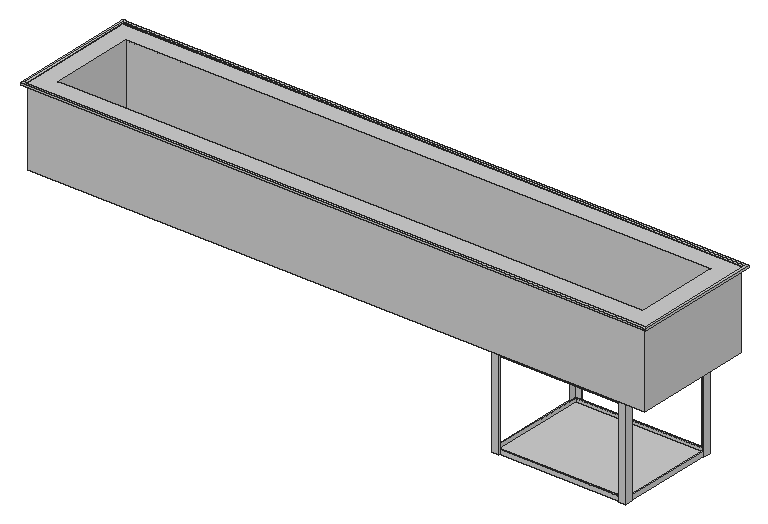
Revit family "QF_VOLLRATH_FC-4CSP-04120-N", category Specialty Equipment, Revit 2016
Family settings
  Part Type = Normal
  Round Connector Dimension = Use Diameter
  OmniClass Number = 23.40.40.14.24.14
  OmniClass Title = Service Line Equipment
  Work Plane-Based = Yes
  Always vertical = Yes
  Cut with Voids When Loaded = Yes
  Shared = No
  Room Calculation Point = No
Parameters (values of type "FC-4CSP-04120-N")
  Weight in Pounds = 165
  Watts = 624 W
  Waste Water Discharge Temperature [instance] = 0 °F
  Waste Remarks = ""
  Volts = 120 V
  URL Cutsheet = "www.vollrathfoodservice.com/downloads/211922/SPCNSF7RefrigSSL36191FC-4CSP-pdf"
  URL = "www.vollrathfoodservice.com"
  Status [instance] = ""
  Specification by User [instance] = ""
  Specification by Manufacturer = ""
  Serial Number = ""
  Seismic Rating = ""
  SMACNA No = ""
  Revision Code [instance] = ""
  Plumbing Remarks [instance] = ""
  Plumbing Connection Type [instance] = ""
  Phase = 1
  Number of Poles = 1
  NAFEM Spec ID Number = ""
  Model = "FC-4CSP-04120-N"
  Min Ckt Ampacity = 0 A
  Max Overcurrent Protection = 10 A
  Masterspec = ""
  Manufacturer = "VOLLRATH US"
  Item Number [instance] = ""
  Installed By [instance] = ""
  Identify Quantity as Lot [instance] = no
  HP = "0.9"
  Furnished By [instance] = ""
  Foodservice Equipment Identifier [instance] = yes
  FL Amps = 3.2 A
  Electrical Remarks [instance] = ""
  Electric Connection Type [instance] = "Plug&Receptacle"
  Elec Conn RI Height [instance] = 0"
  Elec Conn Connection Height [instance] = 0"
  Direct Waste Size = 1"
  Direct Waste RI Height = 0"
  Direct Waste Flow = 0 GPM
  Direct Waste Connection Height = 0"
  Description = "FOUR-WELL 120-VOLT NSF 7-CERTIFIED SHORT-SIDE REFRIGERATED DROP-IN COLD WELL"
  Default Elevation = 0"
  Cycle = 60 Hz
  Conn Plug = "NEMA 5-15P"
  Conn Conduit [instance] = no
  CSI MasterFormat = ""
  Author = ""
  Assembly Code = "E1090320"
  Apparent Power = 624 VA
Reference planes (in)
  plane 1 "Back": y = 0
  plane 2: z = 0
  plane 3 "Left": x = 0
  plane 4 "Front": y = -18
  plane 5 "Top": z = -24
  plane 6 "Right": x = 88.25
Forms (in)
  Extrusion 1, solid
    sketch origin (0, 0, 0.683) x (1, 0, 0) y (0, 1, 0)
      loop
        line (85.3125, -3) -> (2.9375, -3) -> (2.9375, -15) -> (85.3125, -15) -> (85.3125, -3)
      loop
        circle (63.40934, -9) r 0.75
    from -11.375 to -10.305
  Extrusion 2, solid
    sketch origin (64.89434, -174.7345, -23.875) x (-1, 0, 0) y (0, -1, 0)
      loop
        line (-19.2345, -172.7345) -> (-19.2345, -171.8595) -> (-19.3595, -171.8595) -> (-19.3595, -172.8595) -> (-18.3595, -172.8595) -> (-18.3595, -172.7345) -> (-19.2345, -172.7345)
      loop
        line (-19.2345, -158.3285) -> (-18.3595, -158.3285) -> (-18.3595, -158.2035) -> (-19.3595, -158.2035) -> (-19.3595, -159.2035) -> (-19.2345, -159.2035) -> (-19.2345, -158.3285)
      loop
        line (-0.547, -172.7345) -> (-1.422, -172.7345) -> (-1.422, -172.8595) -> (-0.422, -172.8595) -> (-0.422, -171.8595) -> (-0.547, -171.8595) -> (-0.547, -172.7345)
      loop
        line (-0.547, -158.3285) -> (-0.547, -159.2035) -> (-0.422, -159.2035) -> (-0.422, -158.2035) -> (-1.422, -158.2035) -> (-1.422, -158.3285) -> (-0.547, -158.3285)
    from -0.125 to 13.183
  Extrusion 3, solid
    sketch origin (64.89434, -174.7345, -24) x (-1, 0, 0) y (0, -1, 0)
      loop
        line (-0.547, -172.7345) -> (-0.547, -158.3285) -> (-19.2345, -158.3285) -> (-19.2345, -172.7345) -> (-0.547, -172.7345)
    from 0 to 0.125
  Extrusion 4, solid
    sketch origin (67.22184, -16.406, -23.875) x (1, 0, 0) y (0, 0, -1)
      loop
        line (-1.7805, -13.183) -> (16.907, -13.183) -> (16.907, -12.183) -> (-1.7805, -12.183) -> (-1.7805, -13.183)
    from 0 to 0.125
  Extrusion 5, solid
    sketch origin (67.22184, -2, -23.875) x (1, 0, 0) y (0, 0, 1)
      loop
        line (-1.7805, 13.183) -> (-1.7805, 12.183) -> (16.907, 12.183) -> (16.907, 13.183) -> (-1.7805, 13.183)
    from 0 to 0.125
  Extrusion 6, void
    sketch origin (0, 0, 0) x (1, 0, 0) y (0, 1, 0)
      loop
        line (87.90625, -0.34375) -> (0.34375, -0.34375) -> (0.34375, -17.65625) -> (87.90625, -17.65625) -> (87.90625, -0.34375)
    from 3.27425 to -24
  Extrusion 7, solid
    sketch origin (0, 0, 0) x (1, 0, 0) y (0, 1, 0)
      loop
        line (87.625, -0.625) -> (0.625, -0.625) -> (0.625, -17.375) -> (87.625, -17.375) -> (87.625, -0.625)
      loop
        line (2.9375, -3) -> (2.9375, -15) -> (85.3125, -15) -> (85.3125, -3) -> (2.9375, -3)
    from 0 to 0.14643
  Extrusion 8, solid
    sketch origin (0, 0, 0) x (1, 0, 0) y (0, 1, 0)
      loop
        line (0.625, -0.625) -> (0.625, -17.375) -> (87.625, -17.375) -> (87.625, -0.625) -> (0.625, -0.625)
      loop
        line (85.3125, -15) -> (85.3125, -3) -> (2.9375, -3) -> (2.9375, -15) -> (85.3125, -15)
    from 0 to -10.692
  Extrusion 9, solid
    sketch origin (39.5, 0, 0) x (1, 0, 0) y (0, 1, 0)
      loop
        circle (23.90934, -9) r 0.75
      loop
        circle (23.90934, -9) r 0.5
    from -10.692 to -9.622
  Extrusion 10, solid
    sketch origin (39.5, 0, 0) x (1, 0, 0) y (0, 1, 0)
      loop
        line (25.94134, -16.406) -> (44.62884, -16.406) -> (44.62884, -2) -> (25.94134, -2) -> (25.94134, -16.406)
      loop
        line (44.50384, -2.125) -> (26.06634, -2.125) -> (26.06634, -16.281) -> (44.50384, -16.281) -> (44.50384, -2.125)
    from -23.875 to -23.375
  Sweep 11, solid
    path origin (0, 0, 0) x (1, 0, 0) y (0, 1, 0)
      loop
        line (0.34375, -0.34375) -> (0.34375, -17.65625) -> (87.90625, -17.65625) -> (87.90625, -0.34375) -> (0.34375, -0.34375)
    profile origin (44.125, -0.34375, 0) x (0, 1, 0) y (0, 0, 1)
      loop
        line (0.34375, 0) -> (0.34375, 0.24548)
        arc (0.34375, 0.24548) -> (0.25632, 0.36797) -> (0.11207, 0.3251) r 0.12952
        line (0.11207, 0.3251) -> (0.00446, 0.18703)
        arc (0.00446, 0.18703) -> (-0.03241, 0.15713) -> (-0.07866, 0.14643) r 0.10539
        line (-0.07866, 0.14643) -> (-0.28125, 0.14643) -> (-0.28125, 0) -> (0.34375, 0)
  Extrusion 12, solid
    sketch origin (39.5, 0, 0.75) x (1, 0, 0) y (0, 1, 0)
      loop
        circle (34.92534, -9.2035) r 0.25
    from -11.692 to -11.442
  Extrusion 13, solid
    sketch origin (84.12884, -15.531, -23.875) x (0, -1, 0) y (0, 0, 1)
      loop
        line (0, 13.183) -> (-1.125, 13.183) -> (-1.125, 12.183) -> (0, 12.183) -> (0, 13.183)
      loop
        line (-12.656, 13.183) -> (-12.656, 12.183) -> (-11.531, 12.183) -> (-11.531, 13.183) -> (-12.656, 13.183)
    from 0 to -0.125
  Extrusion 14, solid
    sketch origin (65.44134, -15.531, -23.875) x (0, -1, 0) y (0, 0, -1)
      loop
        line (0, -13.183) -> (0, -12.183) -> (-1.125, -12.183) -> (-1.125, -13.183) -> (0, -13.183)
      loop
        line (-12.656, -13.183) -> (-11.531, -13.183) -> (-11.531, -12.183) -> (-12.656, -12.183) -> (-12.656, -13.183)
    from 0 to -0.125
Cuts and joins
  joined: Extrusion 1, Extrusion 7, Extrusion 8, Sweep 11
  joined: Extrusion 3, Extrusion 10
Lines and regions (in)
  symbolic lines, style "200-EquipBorder-2D"
    curve 1: line (88.25, 0, 0) -> (0, 0, 0)
    curve 2: line (88.25, -18, 0) -> (88.25, 0, 0)
    curve 3: line (0, 0, 0) -> (0, -18, 0)
    curve 8: line (0, -18, 0) -> (88.25, -18, 0)
  symbolic lines, style "200-EquipInternal-2D"
    curve 4: line (85.3125, -3, 0) -> (2.9375, -3, 0)
    curve 5: line (85.3125, -15, 0) -> (85.3125, -3, 0)
    curve 6: line (2.9375, -15, 0) -> (85.3125, -15, 0)
    curve 7: line (2.9375, -3, 0) -> (2.9375, -15, 0)
    curve 9: circle (63.40934, -9, 0) r 0.5 normal (0, 0, 1)
    curve 10: circle (63.40934, -9, 0) r 0.75 normal (0, 0, 1)
Dimensions and locks (in)
  plane 3 "Left" to plane 6 "Right" = 88 1/4"
  plane 4 "Front" to plane 1 "Back" = 18"
  Extrusion 3 sketch curve to Extrusion 3 sketch curve = 18 11/16"
  level to plane 5 "Top" = 24"
  aligned and locked: level to plane 2
Connectors (in)
  piping at (63.40934, -9, -10.692), diameter 1, driven by "Direct Waste Flow", driven by "Direct Waste Size"
    settings: on cut or joined group of Extrusion 1, Extrusion 7, Extrusion 8, Sweep 11, index 1, connector inside diameter 24", connector length 0", flow factor 0, pipe flow 0 GPM, pressure drop 0.00 psi, fitting loss kfactor 0, connector angle 0.00°, fixture units 0, engagement length 0", angle of deflection 0.00°, flow configuration 1, flow direction 2, fitting loss method 0, system type 16, joint type 0, gender type 0, connector reference index -1, connector utility 0, adjustable connector no, is connector primary yes, connector description "Drain"
  electrical at (74.42534, -9.2035, -10.942), driven by "Number of Poles", driven by "Volts", driven by "Apparent Power"
    settings: on Extrusion 12, index 2, voltage 120 V, apparent load 0 VA, apparent load phase1 624 VA, apparent load phase2 0 VA, apparent load phase3 0 VA, power factor 1, load classification "Other", number of poles 1, system type 31, power factor state 1, is connector primary yes, connector utility no, sub classification motor no, connector description "Electrical connection"
